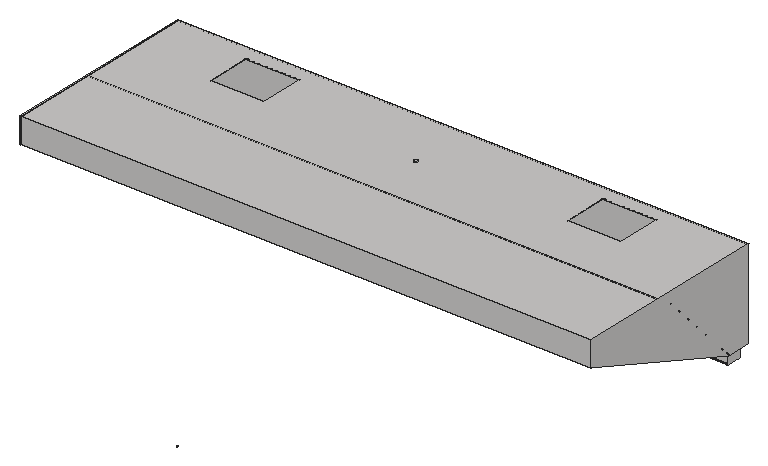
Revit family "QF_ELECTROLUXPROFESSIONAL_644217_AMPV1132DT", category Attrezzature speciali, Revit 2021
Family settings
  Quota connettore circolare = Usa diametro
  Tipo di parte = Normale
  Basato su piano di lavoro = No
  Sempre verticale = Sì
  Taglio con vuoti quando caricato = No
  Condiviso = No
  Punto di calcolo locali = No
Parameters (values of type "Standard")
  Weight = 106.00 kg
  Watts = 840 W
  Volts = 220 V
  URL Manufacturer = "https://www.electroluxprofessional.com/"
  URL = "https://www.electroluxprofessional.com/"
  Steam Supply Size = 0 mm
  Steam Supply Minimum Pressure = 0.0 Pa
  Steam Supply Maximum Pressure = 0.0 Pa
  Steam Consumption per Hour = 0
  Refrigeration Suction Line Size = 0 mm
  Refrigeration Liquid Line Size = 0 mm
  Refrigerant Compressor Remote = yes
  Prospetto di default = 0 mm
  Produttore = "Electrolux Professional"
  Phase = 1
  Modello = "AMPV1132DT"
  Length Actual = 3200 mm  # constant formula
  Item Number = "644217"
  Hot Water Size = 0 mm
  Height Actual = 500 mm  # constant formula
  HP = "1.1 HP"
  Gas Size = 0 mm
  Gas KW = 0
  Gas Input Pressure = 0 W
  Direct Waste Size = 0 mm
  Descrizione = "304 S/S WALL HOOD+FILTERS+FAN 3200X1100"
  Depth Actual = 1100 mm  # constant formula
  Cycle = 50 Hz
  Condensate Return Size = 0 mm
  Compressed Air Volume = 0.0 L/s
  Compressed Air Size = 0 mm
  Compressed Air Pressure = 0.0 Pa
  Cold Water Size = 0 mm
  Accessory = yes
Reference planes
  plane 1 "Center (Front/Back)": y = 0
  plane 2: z = 0
  plane 3 "Center (Left/Right)": x = 150
  plane 4 "LEFT": x = -1450
  plane 5 "RIGHT": x = 1750
  plane 6 "BACK": y = 550
  plane 7 "FRONT": y = -550
  plane 8 "Plane": z = 2000
  plane 9 "TOP": z = 2140
  plane 10 "Base": z = 1640
  plane 11: z = 1566
  plane 12 "DrainY": y = 485
  plane 13: x = -1447
  plane 14: through (0, 414.509, 1640.8) normal (0, 0.7314, 0.682)
  plane 15: y = 470
  plane 16: y = 220
  plane 17 "DrainX": x = 1630
  plane 18: x = -700
  plane 19: x = 1000
  plane 20: x = -1000
  plane 21: x = 1300
  plane 22: x = 1747
  plane 23: x = 1540
  plane 24: x = 1720
  plane 25: x = -1410
  plane 26: x = -1045
  plane 27: x = -650
  plane 28: x = 1710
  plane 29: x = 1345
  plane 30: x = 950
Forms (mm)
  Extrusion 1, solid, material "QF_Finishes_Stainless Steel"
    sketch origin (-1450, 0, 0) x (0, 1, 0) y (0, 0, 1)
      loop
        line (550, 1640) -> (550, 2140) -> (-550, 2140) -> (-550, 1999.112) -> (413.973, 1640) -> (550, 1640)
    from 0 to 3
  Extrusion 2, solid, material "QF_Finishes_Stainless Steel"
    sketch origin (150, 0, 0) x (0, 1, 0) y (0, 0, 1)
      loop
        line (415.255, 1640) -> (550, 1640) -> (550, 2139.19) -> (549.2, 2139.19) -> (549.2, 1640.8) -> (415.876, 1640.8) -> (339.347, 1722.867) -> (349.609, 1732.436) -> (348.927, 1733.167) -> (337.934, 1722.917) -> (415.255, 1640)
      loop
        line (-82.203, 2139.19) -> (-82.203, 2118.6) -> (-31.047, 2118.6) -> (34.354, 2048.466) -> (46.028, 2059.352) -> (45.346, 2060.083) -> (34.403, 2049.879) -> (-30.612, 2119.6) -> (-81.203, 2119.6) -> (-81.203, 2139.19) -> (-82.203, 2139.19)
    from -1597 to 1597
  Extrusion 3, solid, material "QF_Finishes_Stainless Steel"
    sketch origin (1750, 0, 0) x (0, 1, 0) y (0, 0, 1)
      loop
        line (550, 1640) -> (550, 2140) -> (-550, 2140) -> (-550, 1999.112) -> (413.973, 1640) -> (550, 1640)
    from 0 to -3
  Extrusion 4, solid, material "QF_Finishes_Stainless Steel"
    sketch origin (150, 0, 0) x (0, 1, 0) y (0, 0, 1)
      loop
        line (-550, 2140) -> (-550, 2000) -> (-549.2, 2000) -> (-549.2, 2139.19) -> (550, 2139.19) -> (550, 2140) -> (-550, 2140)
    from -1600 to 1600
  Extrusion 5, solid, material "QF_Finishes_Stainless Steel"
    sketch origin (150, 0, 0) x (0, 1, 0) y (0, 0, 1)
      loop
        line (534, 1640) -> (436, 1640) -> (436, 1627) -> (443.5, 1627) -> (443.5, 1576)
        arc (443.5, 1576) -> (446.429, 1568.929) -> (453.5, 1566) r 10
        line (453.5, 1566) -> (516.5, 1566)
        arc (516.5, 1566) -> (523.571, 1568.929) -> (526.5, 1576) r 10
        line (526.5, 1576) -> (526.5, 1627) -> (534, 1627) -> (534, 1640)
    from 1390 to 1570
  Extrusion 6, solid, material "QF_Finishes_Stainless Steel"
    sketch origin (0, 0, 1640) x (0, 1, 0) y (-1, 0, 0)
      loop
        circle (485, -1630) r 20
    from -76 to -74
  Extrusion 7, solid, material "QF_Finished_Chrome"
    sketch origin (150, 0, 0) x (0, 1, 0) y (0, 0, 1)
      loop
        line (337.934, 1722.917) -> (341.591, 1726.327) -> (38.011, 2051.876) -> (34.354, 2048.466) -> (337.934, 1722.917)
    from -1195 to -1560
  Extrusion 8, solid, material "QF_Finished_Chrome"
    sketch origin (150, 0, 0) x (0, 1, 0) y (0, 0, 1)
      loop
        line (337.934, 1722.917) -> (341.591, 1726.327) -> (38.011, 2051.876) -> (34.354, 2048.466) -> (337.934, 1722.917)
    from 800 to -800
  Extrusion 9, solid, material "QF_Finishes_Stainless Steel"
    sketch origin (150, 0, 0) x (0, 1, 0) y (0, 0, 1)
      loop
        line (337.934, 1722.917) -> (341.591, 1726.327) -> (38.011, 2051.876) -> (34.354, 2048.466) -> (337.934, 1722.917)
    from 1597 to 1560
  Extrusion 10, solid, material "QF_Finishes_Stainless Steel"
    sketch origin (150, 0, 0) x (0, 1, 0) y (0, 0, 1)
      loop
        line (341.588, 1726.324) -> (38.009, 2051.874) -> (34.354, 2048.466) -> (337.934, 1722.917) -> (341.588, 1726.324)
    from -1195 to -800
  Extrusion 11, solid, material "QF_Finished_Chrome"
    sketch origin (150, 0, 0) x (0, 1, 0) y (0, 0, 1)
      loop
        line (341.588, 1726.324) -> (38.009, 2051.874) -> (34.354, 2048.466) -> (337.934, 1722.917) -> (341.588, 1726.324)
    from 1195 to 1560
  Extrusion 12, void
    sketch origin (0, 0, 2140) x (0, 1, 0) y (-1, 0, 0)
      loop
        line (470, 1000) -> (220, 1000) -> (220, 700) -> (470, 700) -> (470, 1000)
    from 0 to -10
  Extrusion 13, void
    sketch origin (940, 0, 2140) x (0, 1, 0) y (-1, 0, 0)
      loop
        line (470, -60) -> (220, -60) -> (220, -360) -> (470, -360) -> (470, -60)
    from 0 to -10
  Extrusion 14, solid, material "QF_Finishes_Stainless Steel"
    sketch origin (0, 0, 0) x (1, 0, 0) y (0, 1, 0)
      loop
        line (-1450, 550) -> (-1450, 549) -> (-1449, 549) -> (-1449, 550) -> (-1450, 550)
    from 0 to 1
  Extrusion 15, solid, material "QF_Finishes_Stainless Steel"
    sketch origin (150, 0, 0) x (0, 1, 0) y (0, 0, 1)
      loop
        line (337.934, 1722.917) -> (341.591, 1726.327) -> (38.011, 2051.876) -> (34.354, 2048.466) -> (337.934, 1722.917)
    from -1560 to -1597
  Extrusion 16, solid, material "QF_Finishes_Stainless Steel"
    sketch origin (150, 0, 0) x (0, 1, 0) y (0, 0, -1)
      loop
        line (341.588, -1726.324) -> (337.934, -1722.917) -> (34.354, -2048.466) -> (38.009, -2051.874) -> (341.588, -1726.324)
    from -1195 to -800
  Extrusion 17, solid, material "QF_Finishes_Stainless Steel"
    sketch origin (0, 0, 2140) x (0, 1, 0) y (-1, 0, 0)
      loop
        circle (220, -150) r 10
    from 0 to 1.6
Cuts and joins
  Extrusion 12, Extrusion 13 cuts Extrusion 4
  joined: Extrusion 2, Extrusion 4
Lines and regions (mm)
  reference lines
    curve 1: line (150, 34.354, 2048.466) -> (150, 34.354, 1888.466)
  symbolic lines, style "SpecialityEquipment", detail levels coarse
    curve 2: line (1750, 550, 2140) -> (-1450, 550, 2140)
    curve 3: line (-1450, 550, 2140) -> (-1450, -550, 2140)
    curve 4: line (1750, -550, 2140) -> (1750, 550, 2140)
    curve 5: line (-1450, -550, 2140) -> (1750, -550, 2140)
    curve 6: line (-1000, 220, 2140) -> (-700, 220, 2140)
    curve 7: line (-1000, 470, 2140) -> (-1000, 220, 2140)
    curve 8: line (-700, 470, 2140) -> (-1000, 470, 2140)
    curve 9: line (-700, 220, 2140) -> (-700, 470, 2140)
    curve 10: line (1000, 470, 2140) -> (1000, 220, 2140)
    curve 11: line (1000, 220, 2140) -> (1300, 220, 2140)
    curve 12: line (1300, 470, 2140) -> (1000, 470, 2140)
    curve 13: line (1300, 220, 2140) -> (1300, 470, 2140)
    curve 14: line (-1450, -550, 0) -> (1750, 550, 0)
    curve 15: line (1750, -550, 0) -> (-1450, 550, 0)
Dimensions and locks
  plane 4 "LEFT" to plane 5 "RIGHT" = 3200 mm
  equal spacing: plane 4 "LEFT", plane 3 "Center (Left/Right)", plane 5 "RIGHT"
  locked: plane 8 "Plane" to level at 2000
  plane 9 "TOP" to plane 8 "Plane" = 140 mm
  locked: plane 9 "TOP" to plane 10 "Base" at 500
  plane 10 "Base" to plane 11 = 74 mm
  plane 6 "BACK" to plane 12 "DrainY" = 65 mm  (x2)
  plane 4 "LEFT" to plane 13 = 3 mm
  plane 6 "BACK" to plane 15 = 80 mm
  plane 15 to plane 16 = 250 mm  (x2)
  plane 17 "DrainX" to plane 5 "RIGHT" = 120 mm
  locked: plane 18 to plane 19 at 1700
  equal spacing: plane 18, plane 3 "Center (Left/Right)", plane 19
  plane 20 to plane 18 = 300 mm
  plane 19 to plane 21 = 300 mm
  plane 22 to plane 5 "RIGHT" = 3 mm
  locked: plane 23 to plane 17 "DrainX" at 90
  locked: plane 17 "DrainX" to plane 24 at 90
  plane 6 "BACK" to plane 7 "FRONT" = 1100 mm  (x2)
  equal spacing: plane 6 "BACK", plane 1 "Center (Front/Back)", plane 7 "FRONT"
  plane 16 to plane 7 "FRONT" = 770 mm
  plane 15 to plane 6 "BACK" = 80 mm
  locked: plane 4 "LEFT" to plane 25 at 40
  locked: plane 25 to plane 26 at 365
  locked: plane 26 to plane 27 at 395
  locked: plane 28 to plane 29 at 365
  locked: plane 29 to plane 30 at 395
  locked: plane 28 to plane 5 "RIGHT" at 40
  plane 27 to plane 30 = 1600 mm
  aligned and locked: level to plane 2
  aligned and locked: Extrusion 2 to Extrusion 1
  aligned and locked: Extrusion 2 to Extrusion 3
  aligned and locked: plane 5 "RIGHT" to Extrusion 4
  aligned and locked: Extrusion 4 to plane 4 "LEFT"
  aligned and locked: plane 22 to Extrusion 9
  aligned and locked: plane 20 to Extrusion 12
  aligned and locked: Extrusion 12 to plane 18
  aligned and locked: Extrusion 12 to plane 16
  aligned and locked: Extrusion 12 to plane 15
  aligned and locked: Extrusion 13 to plane 21
  aligned and locked: plane 19 to Extrusion 13
  aligned and locked: Extrusion 2 to Extrusion 4
  aligned and locked: plane 24 to Extrusion 5
  aligned and locked: Extrusion 5 to plane 23
  aligned and locked: Extrusion 9 to plane 28
  aligned and locked: Extrusion 11 to plane 28
  aligned and locked: Extrusion 11 to plane 29
  aligned and locked: Extrusion 8 to plane 30
  aligned and locked: Extrusion 8 to plane 27
  aligned and locked: plane 27 to Extrusion 10
  aligned and locked: Extrusion 10 to plane 26
  aligned and locked: plane 26 to Extrusion 7
  aligned and locked: Extrusion 7 to plane 25
  aligned and locked: Extrusion 15 to plane 13
  aligned and locked: plane 25 to Extrusion 15
  aligned and locked: Extrusion 16 to plane 30
  aligned and locked: Extrusion 16 to plane 29
  aligned and locked: Extrusion 3 to plane 22
Automatic sketch dimensions
  curve 5 to plane 4 "LEFT" = 0 mm
  curve 5 to plane 7 "FRONT" = 0 mm
  curve 9 to plane 16 = 0 mm
  curve 10 to plane 16 = 0 mm
  plane 15 to curve 8 = 0 mm
  plane 15 to curve 12 = 0 mm
  curve 3 to plane 6 "BACK" = 0 mm
  curve 5 to plane 5 "RIGHT" = 0 mm
  curve 11 to plane 21 = 0 mm
  curve 10 to plane 19 = 0 mm
  curve 6 to plane 18 = 0 mm
  curve 6 to plane 20 = 0 mm
  Extrusion 1 sketch curve to plane 7 "FRONT" = 0 mm
  Extrusion 1 sketch curve to plane 10 "Base" = 0 mm
  Extrusion 1 sketch curve to plane 6 "BACK" = 0 mm
  Extrusion 1 sketch curve to plane 9 "TOP" = 0 mm
  plane 15 to Extrusion 1 sketch curve = 56.027 mm
  Extrusion 1 sketch curve to plane 8 "Plane" = 0.888 mm
  Extrusion 2 sketch curve to plane 14 = 0 mm  (x3)
  Extrusion 2 sketch curve to plane 10 "Base" = 0 mm
  plane 14 to Extrusion 2 sketch curve = 0 mm
  Extrusion 2 sketch curve to plane 6 "BACK" = 0 mm
  Extrusion 2 sketch curve to Extrusion 2 sketch curve = 65.646 mm
  Extrusion 2 sketch curve to Extrusion 2 sketch curve = 0.682 mm  (x2)
  Extrusion 2 sketch curve to Extrusion 2 sketch curve = 10.261 mm
  plane 10 "Base" to Extrusion 2 sketch curve = 82.917 mm
  Extrusion 2 sketch curve to plane 1 "Center (Front/Back)" = 46.028 mm
  Extrusion 2 sketch curve to Extrusion 2 sketch curve = 10.942 mm
  Extrusion 2 sketch curve to Extrusion 2 sketch curve = 0.049 mm
  Extrusion 2 sketch curve to plane 9 "TOP" = 20.4 mm
  Extrusion 2 sketch curve to plane 9 "TOP" = 21.4 mm
  Extrusion 2 sketch curve to plane 9 "TOP" = 0.81 mm  (x2)
  Extrusion 2 sketch curve to Extrusion 2 sketch curve = 50.156 mm
  Extrusion 2 sketch curve to Extrusion 2 sketch curve = 1 mm
  plane 10 "Base" to Extrusion 2 sketch curve = 0.8 mm
  Extrusion 2 sketch curve to plane 6 "BACK" = 0.8 mm
  Extrusion 3 sketch curve to plane 7 "FRONT" = 0 mm
  Extrusion 3 sketch curve to plane 10 "Base" = 0 mm
  Extrusion 3 sketch curve to plane 6 "BACK" = 0 mm
  Extrusion 3 sketch curve to plane 9 "TOP" = 0 mm
  plane 15 to Extrusion 3 sketch curve = 56.027 mm
  Extrusion 3 sketch curve to plane 8 "Plane" = 0.888 mm
  Extrusion 4 sketch curve to plane 7 "FRONT" = 0 mm
  Extrusion 4 sketch curve to plane 8 "Plane" = 0 mm
  Extrusion 4 sketch curve to plane 6 "BACK" = 0 mm
  Extrusion 4 sketch curve to plane 9 "TOP" = 0 mm
  plane 7 "FRONT" to Extrusion 4 sketch curve = 0.8 mm
  Extrusion 4 sketch curve to plane 9 "TOP" = 0.81 mm
  curve 1 to plane 14 = 0 mm
  curve 1 to plane 1 "Center (Front/Back)" = 34.354 mm
  curve 1 to plane 8 "Plane" = 111.534 mm
  Extrusion 5 sketch curve to plane 10 "Base" = 0 mm
  Extrusion 5 sketch curve to plane 11 = 0 mm
  Extrusion 5 sketch curve to plane 10 "Base" = 13 mm  (x2)
  plane 15 to Extrusion 5 sketch curve = 34 mm
  Extrusion 5 sketch curve to Extrusion 5 sketch curve = 7.5 mm  (x2)
  Extrusion 5 sketch curve to Extrusion 5 sketch curve = 10 mm
  plane 12 "DrainY" to Extrusion 5 sketch curve = 31.5 mm
  Extrusion 5 sketch curve to plane 6 "BACK" = 23.5 mm
  Extrusion 6 sketch curve to plane 12 "DrainY" = 0 mm
  Extrusion 6 sketch curve to plane 17 "DrainX" = 0 mm
  Extrusion 7 sketch curve to plane 14 = 0 mm  (x2)
  Extrusion 7 sketch curve to plane 1 "Center (Front/Back)" = 34.354 mm
  Extrusion 7 sketch curve to Extrusion 7 sketch curve = 3.657 mm
  plane 10 "Base" to Extrusion 7 sketch curve = 82.917 mm
  Extrusion 8 sketch curve to plane 14 = 0 mm  (x2)
  Extrusion 8 sketch curve to plane 1 "Center (Front/Back)" = 34.354 mm
  Extrusion 8 sketch curve to Extrusion 8 sketch curve = 3.657 mm
  plane 10 "Base" to Extrusion 8 sketch curve = 82.917 mm
  Extrusion 9 sketch curve to plane 14 = 0 mm  (x2)
  Extrusion 9 sketch curve to plane 1 "Center (Front/Back)" = 34.354 mm
  Extrusion 9 sketch curve to Extrusion 9 sketch curve = 3.657 mm
  plane 10 "Base" to Extrusion 9 sketch curve = 82.917 mm
  Extrusion 10 sketch curve to plane 14 = 0 mm  (x2)
  Extrusion 10 sketch curve to plane 1 "Center (Front/Back)" = 34.354 mm
  Extrusion 10 sketch curve to Extrusion 10 sketch curve = 3.655 mm
  plane 10 "Base" to Extrusion 10 sketch curve = 82.917 mm
  Extrusion 11 sketch curve to plane 14 = 0 mm  (x2)
  Extrusion 11 sketch curve to plane 1 "Center (Front/Back)" = 34.354 mm
  Extrusion 11 sketch curve to Extrusion 11 sketch curve = 3.655 mm
  plane 10 "Base" to Extrusion 11 sketch curve = 82.917 mm
  Extrusion 12 sketch curve to plane 16 = 0 mm
  plane 15 to Extrusion 12 sketch curve = 0 mm
  Extrusion 12 sketch curve to plane 18 = 0 mm
  Extrusion 12 sketch curve to plane 20 = 0 mm
  Extrusion 13 sketch curve to plane 16 = 0 mm
  plane 15 to Extrusion 13 sketch curve = 0 mm
  Extrusion 13 sketch curve to plane 21 = 0 mm
  Extrusion 13 sketch curve to plane 19 = 0 mm
  Extrusion 14 sketch curve to plane 4 "LEFT" = 0 mm
  Extrusion 14 sketch curve to plane 6 "BACK" = 0 mm
  plane 4 "LEFT" to Extrusion 14 sketch curve = 1 mm
  Extrusion 14 sketch curve to plane 6 "BACK" = 1 mm
  Extrusion 15 sketch curve to plane 14 = 0 mm  (x2)
  Extrusion 15 sketch curve to plane 1 "Center (Front/Back)" = 34.354 mm
  Extrusion 15 sketch curve to Extrusion 15 sketch curve = 3.657 mm
  plane 10 "Base" to Extrusion 15 sketch curve = 82.917 mm
  Extrusion 16 sketch curve to plane 14 = 0 mm  (x2)
  Extrusion 16 sketch curve to plane 1 "Center (Front/Back)" = 34.354 mm
  Extrusion 16 sketch curve to Extrusion 16 sketch curve = 3.655 mm
  plane 10 "Base" to Extrusion 16 sketch curve = 82.917 mm
  curve 15 to plane 4 "LEFT" = 0 mm
  curve 14 to plane 4 "LEFT" = 0 mm
  curve 15 to plane 5 "RIGHT" = 0 mm
  curve 14 to plane 5 "RIGHT" = 0 mm
  curve 15 to plane 7 "FRONT" = 0 mm
  curve 14 to plane 7 "FRONT" = 0 mm
  curve 15 to plane 6 "BACK" = 0 mm
  curve 14 to plane 6 "BACK" = 0 mm
  Extrusion 17 sketch curve to plane 3 "Center (Left/Right)" = 0 mm
  Extrusion 17 sketch curve to plane 16 = 0 mm
  radius of Extrusion 6 sketch curve = 20 mm
  radius of Extrusion 17 sketch curve = 10 mm
Connectors
  piping at (1630, 485, 1564), diameter 20
    settings: on Extrusion 6, index 1, connector inside diameter 609.6 mm, connector length 0 mm, flow factor 0, pipe flow 0.0 L/s, pressure drop 0.0 Pa, fitting loss kfactor 0, connector angle 0.00°, fixture units 0, engagement length 0 mm, angle of deflection 0.00°, flow configuration 1, flow direction 2, fitting loss method 0, system type 16, joint type 0, gender type 0, connector reference index -1, connector utility 0, adjustable connector no, is connector primary yes, connector description "Drain"
  hvac at (-850, 345, 2140)
    settings: on Extrusion 12, index 2, duct flow 0.0 L/s, flow factor 0, pres drop 0.0 Pa, loss coef 0, conn angle 0.00°, conn width 250 mm, conn height 300 mm, conn diameter 609.6 mm, duct sys type 3, conn prof type 1, flow config 1, flow direction 2, loss method 0, conn ref index -1, conn util no, is conn primary yes, conn desc "EXHAUST OUTLET"
  hvac at (1150, 345, 2140)
    settings: on Extrusion 13, index 3, duct flow 0.0 L/s, flow factor 0, pres drop 0.0 Pa, loss coef 0, conn angle 0.00°, conn width 250 mm, conn height 300 mm, conn diameter 609.6 mm, duct sys type 3, conn prof type 1, flow config 1, flow direction 2, loss method 0, conn ref index -1, conn util no, is conn primary no, conn desc "EXHAUST OUTLET"
  electrical at (150, 220, 2141.6), driven by "Volts"
    settings: on Extrusion 17, index 4, voltage 220 V, apparent load 0 VA, apparent load phase1 0 VA, apparent load phase2 0 VA, apparent load phase3 0 VA, power factor 1, load classification "Other", number of poles 1, system type 30, power factor state 1, is connector primary yes, connector utility no, sub classification motor no, connector description "Electrical Connection"
